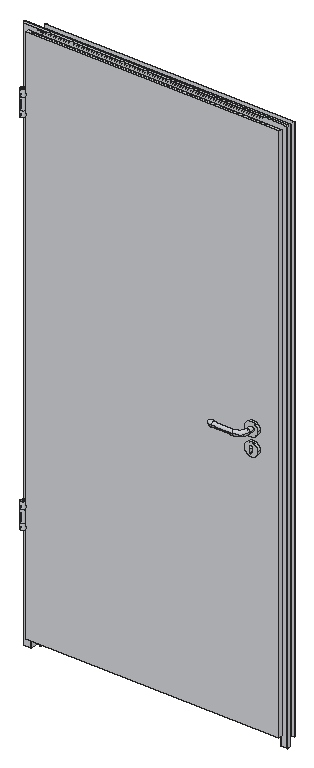
Revit family "BOS-Eckzarge-Eud-MW_Familie", category Türen, Revit 2017
Family settings
  Basisbauteil = Wand
  Immer vertikal = Ja
  Beim Laden mit Abzugskörper schneiden = Nein
  Gemeinsam genutzt = Nein
  Raumberechnungspunkt = Ja
Parameters (values of type "Eud")
  Öffnungswinkel [instance] = if(Öffnungswinkel   Aperture < Öffnungswinkel min., Öffnungswinkel min., if(Öffnungswinkel   Aperture > Öffnungswinkel max., Öffnungswinkel max., Öffnungswinkel   Aperture)) * if(DIN links   DIN Left, 1, -1)  # 0.00°
  Öffnungswinkel min. = 0.00°  # constant formula
  Öffnungswinkel max. = 180.00°  # constant formula
  Öffnungswinkel   Aperture [instance] = 0.00°
  Wandstärke min. [instance] = 130 mm  # constant formula
  Wandstärke [instance] = if(Wandstärke   Wall Thickness < Wandstärke min., Wandstärke min., Wandstärke   Wall Thickness)  # 200 mm
  Türblattaufschlag = 13 mm  # constant formula
  Türblattabstand links-rechts = 3.5 mm  # constant formula
  Spiegel vorne min. = 30 mm  # constant formula
  Spiegel vorne max. = 80 mm  # constant formula
  Sickentiefe = 10 mm  # constant formula
  RNH Rohbau_Nennmaß_Höhe   Nominal Wall Opening Height Measurement [instance] = FMH Falzmaß Höhe + Einfügepunkt  # 2130 mm
  RNB Rohbau_Nennmaß_Breite   Nominal Wall Opening Width Measurement [instance] = FMB Falzmaß Breite + (2 * Einfügepunkt)  # 1010 mm
  Putzwinkel min. = 10 mm  # constant formula
  Putzwinkel max. = 28 mm  # constant formula
  Leibungstiefe min. = 40 mm  # constant formula
  Leibungstiefe max. = 40 mm  # constant formula
  Leibungstiefe   Soffit Depth [instance] = 40 mm  # constant formula
  Leibungstiefe [instance] = if(Leibungstiefe   Soffit Depth < Leibungstiefe min., Leibungstiefe min., if(Leibungstiefe   Soffit Depth > Leibungstiefe max., Leibungstiefe max., Leibungstiefe   Soffit Depth))  # 40 mm
  GT min. [instance] = Falztiefe gesamt + Leibungstiefe  # 68.5 mm
  Drehpunktreferenz horizontal = 500 mm  # constant formula
  Türblattversatz vertikal = if(Gefälzt, -3.5 mm, 15.5 mm)  # -3.5 mm
  Türblattversatz  horizontal = if(Gefälzt, 11.5 mm, 6 mm)  # 11.5 mm
  Türblattabstand 3 = 4.5 mm  # constant formula
  Türblattabstand 2 = 4.5 mm  # constant formula
  Türblattabstand 1 = if(Gefälzt, 1.5 mm, -2 mm)  # 1.5 mm
  Wandstärke   Wall Thickness [instance] = 200 mm
  Stumpf = or(Esd, EsFd)  # no
  VX Bänder [instance] = 1 < 2  # yes
  Putzwinkel vorne   Backbend Front [instance] = 10 mm  # constant formula
  Putzwinkel hinten   Backbend Back [instance] = 17 mm  # constant formula
  LDH Lichte Durchgangs Höhe   Clearance Height [instance] = FMH Falzmaß Höhe - Falzaufschlag gesamt  # 2093 mm
  LDB Lichte Durchgangs Breite   Clearance Width [instance] = FMB Falzmaß Breite - (2 * Falzaufschlag gesamt)  # 936 mm
  Gefälzt = or(Eud, EuFd)  # yes
  URL = "www.BestOfSteel.de/stahlzargen/zargen-fuer-drehfluegeltueren/eckzargen/"
  Türblattstärke 3 = if(Doppelfalz, Falztiefe 2, 0 mm)  # 0 mm
  Türblattstärke 2 = Türblattstärke - Türblattstärke 1 - Türblattstärke 3  # 25.5 mm
  Türblattstärke 1 = if(Gefälzt, 14.5 mm, 0 mm)  # 14.5 mm
  Türblattstärke = if(Einfachfalz, 40 mm, 65 mm)  # 40 mm
  Typenbild = <Keine Auswahl>
  Spiegel vorne   Architrave Front [instance] = 30 mm
  Spiegel vorne [instance] = if(Spiegel vorne   Architrave Front < Spiegel vorne min., Spiegel vorne min., if(Spiegel vorne   Architrave Front > Spiegel vorne max., Spiegel vorne max., Spiegel vorne   Architrave Front))  # 30 mm
  Rough Height = 0 mm  # constant formula
  Rough Width = 0 mm  # constant formula
  Rechtliche Hinweise [instance] = "www.BestOfSteel.de/tools-downloads/bim-building-information-modeling/"
  Putzwinkel vorne [instance] = if(Putzwinkel vorne   Backbend Front < Putzwinkel min., Putzwinkel min., if(Putzwinkel vorne   Backbend Front > Putzwinkel max., Putzwinkel max., Putzwinkel vorne   Backbend Front))  # 10 mm
  Putzwinkel hinten [instance] = if(Putzwinkel hinten   Backbend Back < Putzwinkel min., Putzwinkel min., if(Putzwinkel hinten   Backbend Back > Putzwinkel max., Putzwinkel max., Putzwinkel hinten   Backbend Back))  # 17 mm
  Information in English = no
  GT max. [instance] = Falztiefe gesamt + Leibungstiefe  # 68.5 mm
  GT Gesamttiefe [instance] = if(GT Gesamttiefe_Zarge   Total Profile Depth < GT min., GT min., if(GT Gesamttiefe_Zarge   Total Profile Depth > GT max., GT max., GT Gesamttiefe_Zarge   Total Profile Depth))  # 68.5 mm
  Funktion = Innen
  Falztiefe gesamt = if(Einfachfalz, Falztiefe, Falztiefe + Falztiefe 2)  # 28.5 mm
  Falztiefe 2 = 25 mm  # constant formula
  Falztiefe = Türblattstärke 2 - Türblattabstand 1 + Türblattabstand 2  # 28.5 mm
  Falzaufschlag gesamt = if(Einfachfalz, Falzaufschlag, 2 * Falzaufschlag)  # 15 mm
  FMH min. = 1608 mm  # constant formula
  FMH max. = 2858 mm  # constant formula
  FMH Falzmaß_Höhe   Rebate Height Measurement [instance] = 2108 mm
  FMH Falzmaß Höhe [instance] = if(FMH Falzmaß_Höhe   Rebate Height Measurement < FMH min., FMH min., if(FMH Falzmaß_Höhe   Rebate Height Measurement > FMH max., FMH max., FMH Falzmaß_Höhe   Rebate Height Measurement))  # 2108 mm
  FMB min. = 591 mm  # constant formula
  FMB max. = 1342 mm  # constant formula
  FMB Falzmaß_Breite   Rebate Width Measurement [instance] = 966 mm
  FMB Falzmaß Breite [instance] = if(FMB Falzmaß_Breite   Rebate Width Measurement < FMB min., FMB min., if(FMB Falzmaß_Breite   Rebate Width Measurement > FMB max., FMB max., FMB Falzmaß_Breite   Rebate Width Measurement))  # 966 mm
  Drückerhöhe [instance] = if(Drückerhöhe   Handle Height < 850 mm, 850 mm, if(Drückerhöhe   Handle Height > 1050 mm, 1050 mm, Drückerhöhe   Handle Height))  # 1050 mm
  Drehpunkt Warnung sichtbar = yes
  Drehpunkt Warnung [instance] = and(Drehpunkt Warnung sichtbar, not(Öffnungswinkel = 0.00°))  # no
  Doppelfalz = or(EuFd, EsFd)  # no
  Einfachfalz = or(Eud, Esd)  # yes
  Dichtungsversatz vertikal 2 [instance] = Falztiefe + Sickentiefe - Putzwinkel vorne + Falztiefe 2  # 53.5 mm
  Dichtungsversatz vertikal 1 [instance] = Falztiefe + Sickentiefe - Putzwinkel vorne  # 28.5 mm
  Dichtungsversatz horizontal 2 [instance] = Falzaufschlag  # 15 mm
  Dichtungsversatz horizontal 1 [instance] = 0 mm  # constant formula
  Dichtung 2 = Doppelfalz  # no
  Dichtung 1 = or(Einfachfalz, Doppelfalz)  # yes
  Drehpunktposition vertikal [instance] = (Wandstärke   Wall Thickness / 2) + Putzwinkel vorne + [Drehpunktabstand (SP) vertikal]  # 122.5 mm
  Drehpunktposition horizontal [instance] = Drehpunktreferenz horizontal + Einfügepunkt + if(DIN links   DIN Left, FMB Falzmaß Breite + [Drehpunktabstand (FM) horizontal], -[Drehpunktabstand (FM) horizontal])  # 1509 mm
  Drehpunktabstand (FM) horizontal = if(Gefälzt, 21 mm, 2.5 mm)  # 21 mm
  Drehpunktabstand (SP) vertikal = if(Gefälzt, 12.5 mm, 13.5 mm)  # 12.5 mm
  Bänder - Auswahl [instance] = if(Gefälzt, "3D Bänder gefälzt, Bandaufnahmen BVX11000", "3D Bänder stumpf, Bandaufnahmen BVX11000")  # "3D Bänder gefälzt, Bandaufnahmen BVX11000"
  Blechstärke = 1.5 mm  # constant formula
  BE max. = 100 mm  # constant formula
  BE Bodeneinstand [instance] = if(BE Bodeneinstand   Foundation Bedding < 0 mm, 0 mm, if(BE Bodeneinstand   Foundation Bedding > BE max., BE max., BE Bodeneinstand   Foundation Bedding))  # 30 mm
  Nivellierankerabstand vorne = Türblattstärke 1 + Türblattstärke 2 - 40 mm  # 0 mm
  EsFd = no
  EuFd = no
  Modell = "Eud"
  Material - Zarge = none
  Material - Türblatt = none
  Material - Drückergarnitur = none
  Material - Dichtung = none
  Material - Bänder = none
  Material = "grundiert, feuerverzinktes Feinblech nach DIN EN 10143"
  Height [instance] = RNH Rohbau_Nennmaß_Höhe   Nominal Wall Opening Height Measurement  # 2130 mm
  Hersteller = "BOS GmbH Best Of Steel, Lütkenfelde 4, D-48282 Emsdetten"
  GT Gesamttiefe_Zarge   Total Profile Depth [instance] = Falztiefe gesamt + Leibungstiefe  # 68.5 mm
  MW Fehler [instance] = Wandstärke   Wall Thickness < Wandstärke min.  # no
  Einfügepunkt = 22 mm  # constant formula
  Drückerhöhe   Handle Height [instance] = 1050 mm
  Drückergarnitur [instance] = 1 < 2  # yes
  Dicke = 0 mm  # constant formula
  DIN rechts   DIN Right [instance] = not(DIN links   DIN Left)  # no
  DIN links oder rechts [instance] = if(DIN links   DIN Left, "DIN links", "DIN rechts")  # "DIN links"
  DIN links   DIN Left [instance] = yes
  Eud = yes
  Esd = no
  Width = 0 mm  # constant formula
  Beschreibung = "Eckzarge für Mauerwerk, gefälzt"
  Bauelement = "BOS Stahlzarge"
  BOS-Architekten-Beratung = "Tel.: +49 (0) 2572 203-203; E-Mail: architekten@BestOfSteel.de"
  BE Bodeneinstand   Foundation Bedding [instance] = 30 mm
  BBL1 Bandbezugslinie   Hinge Position 1 = 241 mm  # constant formula
  BA Bandabstand   Distance Between Hinges [instance] = if(FMH Falzmaß Höhe < 1546 mm, 935 mm, if(FMH Falzmaß Höhe < 1671 mm, 1060 mm, if(FMH Falzmaß Höhe < 1796 mm, 1185 mm, if(FMH Falzmaß Höhe < 1921 mm, 1310 mm, if(FMH Falzmaß Höhe < 2171 mm, 1435 mm, if(FMH Falzmaß Höhe < 2296 mm, 1685 mm, if(FMH Falzmaß Höhe < 2421 mm, 1810 mm, if(FMH Falzmaß Höhe < 2546 mm, 1935 mm, if(FMH Falzmaß Höhe < 2671 mm, 2060 mm, if(FMH Falzmaß Höhe < 2796 mm, 2185 mm, 2310 mm))))))))))  # 1435 mm
  Falzaufschlag = 15 mm  # constant formula
  Technische Infos rund um die Stahlzarge = "www.BestOfSteel.de/tools-downloads/technische-infos-rund-um-die-stahlzarge/"
  Info-Texte sichtbar = yes
Reference planes
  plane 1 "Wand": y = 0
  plane 2 "Mitte (Links/rechts)": x = 125
  plane 3 "Hinten": y = 100
  plane 4 "Vorne": y = -100
  plane 5 "RNB links": x = -380
  plane 6 "RNB rechts": x = 630
  plane 7 "RRH oben": z = 2130
  plane 8 "BBL1": z = 1867
  plane 9 "Drückerhöhe": z = 1050
  plane 10 "BBL2": z = 432
  plane 11 "BE": z = -30
  plane 12 "FMH oben": z = 2108
  plane 13 "BE max.": z = -100
  plane 14 "FMB links": x = -358
  plane 15 "FMB rechts": x = 608
  plane 16 "Drehpunkt vertikal": y = -122.5
  plane 17 "Drehpunkt horizontal": x = -379
  plane 18 "Drehpunktreferenz horizontal": x = 1130
Forms (mm)
  Sweep 1, solid, material <- "Material - Zarge", visible <- "Einfachfalz", detail levels medium+fine
    path origin (0, -100, 0) x (-1, 0, 0) y (0, 0, 1)
      loop
        line (380, -30) -> (380, 2130) -> (-630, 2130) -> (-630, -30)
    profile "BOS-Eud-Esd_Profil : BOS-Eud-Esd_Profil" origin (-380, -100, 1050) x (1, 0, 0) y (0, 1, 0)
      loop
        arc (37, 56) -> (36.268, 57.768) -> (34.5, 58.5) r 2.5
        line (34.5, 58.5) -> (20, 58.5) -> (20, 57) -> (34.5, 57)
        arc (34.5, 57) -> (35.207, 56.707) -> (35.5, 56) r 1
        line (35.5, 56) -> (35.5, 21.25)
        arc (35.5, 21.25) -> (34.135, 20.005) -> (33.021, 21.479) r 1.25
        line (33.021, 21.479) -> (33.949, 26.449)
        arc (33.949, 26.449) -> (33.308, 28.917) -> (31, 30) r 3
        line (31, 30) -> (23, 30)
        arc (23, 30) -> (21.232, 29.268) -> (20.5, 27.5) r 2.5
        line (20.5, 27.5) -> (20.5, -7.5)
        arc (20.5, -7.5) -> (20.207, -8.207) -> (19.5, -8.5) r 1
        line (19.5, -8.5) -> (-5.5, -8.5)
        arc (-5.5, -8.5) -> (-6.207, -8.207) -> (-6.5, -7.5) r 1
        line (-6.5, -7.5) -> (-6.5, 0) -> (-8, 0) -> (-8, -7.5)
        arc (-8, -7.5) -> (-7.268, -9.268) -> (-5.5, -10) r 2.5
        line (-5.5, -10) -> (19.5, -10)
        arc (19.5, -10) -> (21.268, -9.268) -> (22, -7.5) r 2.5
        line (22, -7.5) -> (22, 27.5)
        arc (22, 27.5) -> (22.293, 28.207) -> (23, 28.5) r 1
        line (23, 28.5) -> (31, 28.5)
        arc (31, 28.5) -> (32.154, 27.958) -> (32.475, 26.725) r 1.5
        line (32.475, 26.725) -> (31.547, 21.755)
        arc (31.547, 21.755) -> (33.996, 18.512) -> (37, 21.25) r 2.75
        line (37, 21.25) -> (37, 56)
  Sweep 2, solid, material <- "Material - Dichtung", visible <- "Dichtung 1", detail levels medium+fine
    path origin (0, -100, 0) x (-1, 0, 0) y (0, 0, 1)
      loop
        line (358, 0) -> (358, 2108) -> (-608, 2108) -> (-608, 0)
    profile "BOS-Dichtung_Profil : BOS-Dichtung_Profil" origin (-358, -100, 1054) x (1, 0, 0) y (0, 1, 0)
      loop
        arc (2.601, 27.263) -> (2.248, 27.116) -> (2.102, 26.763) r 0.5
        line (2.102, 26.763) -> (2.102, 22.634)
        arc (2.102, 22.634) -> (2.243, 22.254) -> (2.599, 22.057) r 0.584
        line (2.599, 22.057) -> (7.702, 21.28)
        arc (7.702, 21.28) -> (8.08, 21.392) -> (8.234, 21.754) r 0.462
        line (8.234, 21.754) -> (8.069, 25.992)
        arc (8.069, 25.992) -> (7.918, 26.403) -> (7.556, 26.65) r 0.716
        arc (7.556, 26.65) -> (5.104, 27.16) -> (2.601, 27.263) r 15.257
      loop
        arc (2.671, 20.957) -> (2.274, 20.838) -> (2.102, 20.46) r 0.501
        line (2.102, 20.46) -> (2.102, 17.565)
        arc (2.102, 17.565) -> (2.227, 17.151) -> (2.561, 16.874) r 0.75
        line (2.561, 16.874) -> (9.159, 15)
        arc (9.159, 15) -> (9.738, 14.926) -> (10.314, 15.026) r 1.962
        arc (10.314, 15.026) -> (11.596, 15.754) -> (12.503, 16.916) r 3.79
        arc (12.503, 16.916) -> (12.466, 17.289) -> (12.114, 17.416) r 0.351
        arc (12.114, 17.416) -> (9.731, 17.818) -> (8.301, 19.767) r 3.215
        arc (8.301, 19.767) -> (8.101, 20.097) -> (7.751, 20.259) r 0.66
        line (7.751, 20.259) -> (2.671, 20.957)
      loop
        arc (9.885, 26.692) -> (6.361, 28.049) -> (2.611, 28.5) r 15.273
        arc (2.611, 28.5) -> (1.229, 28.241) -> (0, 27.558) r 4.388
        arc (0, 27.558) -> (-0.126, 27.198) -> (0.203, 27.005) r 0.3
        line (0.203, 27.005) -> (1.052, 27.179) -> (1.052, 22.212) -> (0.253, 21.589)
        arc (0.253, 21.589) -> (0.158, 21.198) -> (0.517, 21.017) r 0.324
        arc (0.517, 21.017) -> (0.888, 20.925) -> (1.052, 20.58) r 0.446
        line (1.052, 20.58) -> (1.052, 17.338) -> (0.255, 16.575)
        arc (0.255, 16.575) -> (0.205, 16.209) -> (0.55, 16.077) r 0.297
        arc (0.55, 16.077) -> (1.217, 16.194) -> (1.892, 16.137) r 2.63
        line (1.892, 16.137) -> (9.198, 14.049)
        arc (9.198, 14.049) -> (9.621, 14.008) -> (10.045, 14.024) r 3.219
        arc (10.045, 14.024) -> (12.714, 15.531) -> (14.033, 18.298) r 5.088
        arc (14.033, 18.298) -> (13.874, 18.708) -> (13.442, 18.788) r 0.451
        line (13.442, 18.788) -> (12.151, 18.352)
        arc (12.151, 18.352) -> (10.406, 18.72) -> (9.336, 20.147) r 2.533
        line (9.336, 20.147) -> (9.088, 25.569)
        arc (9.088, 25.569) -> (9.253, 25.964) -> (9.663, 26.087) r 0.501
        arc (9.663, 26.087) -> (10.021, 26.299) -> (9.885, 26.692) r 0.329
  Sweep 3, solid, material <- "Material - Zarge", visible <- "Doppelfalz", detail levels medium+fine
    path origin (0, -100, 0) x (-1, 0, 0) y (0, 0, 1)
      loop
        line (380, -30) -> (380, 2130) -> (-630, 2130) -> (-630, -30)
    profile "BOS-EuFd-EsFd_Profil : BOS-EuFd-EsFd_Profil" origin (-380, -100, 1050) x (1, 0, 0) y (0, 1, 0)
      loop
        arc (19.5, -10) -> (21.268, -9.268) -> (22, -7.5) r 2.5
        line (22, -7.5) -> (22, 27.5)
        arc (22, 27.5) -> (22.293, 28.207) -> (23, 28.5) r 1
        line (23, 28.5) -> (31, 28.5)
        arc (31, 28.5) -> (32.154, 27.958) -> (32.475, 26.725) r 1.5
        line (32.475, 26.725) -> (31.547, 21.755)
        arc (31.547, 21.755) -> (33.996, 18.512) -> (37, 21.25) r 2.75
        line (37, 21.25) -> (37, 52.5)
        arc (37, 52.5) -> (37.293, 53.207) -> (38, 53.5) r 1
        line (38, 53.5) -> (46, 53.5)
        arc (46, 53.5) -> (47.154, 52.958) -> (47.475, 51.725) r 1.5
        line (47.475, 51.725) -> (46.547, 46.755)
        arc (46.547, 46.755) -> (48.996, 43.512) -> (52, 46.25) r 2.75
        line (52, 46.25) -> (52, 81)
        arc (52, 81) -> (51.268, 82.768) -> (49.5, 83.5) r 2.5
        line (49.5, 83.5) -> (35, 83.5) -> (35, 82) -> (49.5, 82)
        arc (49.5, 82) -> (50.207, 81.707) -> (50.5, 81) r 1
        line (50.5, 81) -> (50.5, 46.25)
        arc (50.5, 46.25) -> (49.135, 45.005) -> (48.021, 46.479) r 1.25
        line (48.021, 46.479) -> (48.949, 51.449)
        arc (48.949, 51.449) -> (48.308, 53.917) -> (46, 55) r 3
        line (46, 55) -> (38, 55)
        arc (38, 55) -> (36.232, 54.268) -> (35.5, 52.5) r 2.5
        line (35.5, 52.5) -> (35.5, 21.25)
        arc (35.5, 21.25) -> (34.135, 20.005) -> (33.021, 21.479) r 1.25
        line (33.021, 21.479) -> (33.949, 26.449)
        arc (33.949, 26.449) -> (33.308, 28.917) -> (31, 30) r 3
        line (31, 30) -> (23, 30)
        arc (23, 30) -> (21.232, 29.268) -> (20.5, 27.5) r 2.5
        line (20.5, 27.5) -> (20.5, -7.5)
        arc (20.5, -7.5) -> (20.207, -8.207) -> (19.5, -8.5) r 1
        line (19.5, -8.5) -> (-5.5, -8.5)
        arc (-5.5, -8.5) -> (-6.207, -8.207) -> (-6.5, -7.5) r 1
        line (-6.5, -7.5) -> (-6.5, 0) -> (-8, 0) -> (-8, -7.5)
        arc (-8, -7.5) -> (-7.268, -9.268) -> (-5.5, -10) r 2.5
        line (-5.5, -10) -> (19.5, -10)
  Sweep 4, solid, material <- "Material - Dichtung", visible <- "Dichtung 2", detail levels medium+fine
    path origin (0, -100, 0) x (-1, 0, 0) y (0, 0, 1)
      loop
        line (358, 0) -> (358, 2108) -> (-608, 2108) -> (-608, 0)
    profile "BOS-Dichtung_Profil : BOS-Dichtung_Profil" origin (-358, -100, 1054) x (1, 0, 0) y (0, 1, 0)
      loop
        arc (17.601, 52.263) -> (17.248, 52.116) -> (17.102, 51.763) r 0.5
        line (17.102, 51.763) -> (17.102, 47.634)
        arc (17.102, 47.634) -> (17.243, 47.254) -> (17.599, 47.057) r 0.584
        line (17.599, 47.057) -> (22.702, 46.28)
        arc (22.702, 46.28) -> (23.08, 46.392) -> (23.234, 46.754) r 0.462
        line (23.234, 46.754) -> (23.069, 50.992)
        arc (23.069, 50.992) -> (22.918, 51.403) -> (22.556, 51.65) r 0.716
        arc (22.556, 51.65) -> (20.104, 52.16) -> (17.601, 52.263) r 15.257
      loop
        arc (17.671, 45.957) -> (17.274, 45.838) -> (17.102, 45.46) r 0.501
        line (17.102, 45.46) -> (17.102, 42.565)
        arc (17.102, 42.565) -> (17.227, 42.151) -> (17.561, 41.874) r 0.75
        line (17.561, 41.874) -> (24.159, 40)
        arc (24.159, 40) -> (24.738, 39.926) -> (25.314, 40.026) r 1.962
        arc (25.314, 40.026) -> (26.596, 40.754) -> (27.503, 41.916) r 3.79
        arc (27.503, 41.916) -> (27.466, 42.289) -> (27.114, 42.416) r 0.351
        arc (27.114, 42.416) -> (24.731, 42.818) -> (23.301, 44.767) r 3.215
        arc (23.301, 44.767) -> (23.101, 45.097) -> (22.751, 45.259) r 0.66
        line (22.751, 45.259) -> (17.671, 45.957)
      loop
        arc (24.885, 51.692) -> (21.361, 53.049) -> (17.611, 53.5) r 15.273
        arc (17.611, 53.5) -> (16.229, 53.241) -> (15, 52.558) r 4.388
        arc (15, 52.558) -> (14.874, 52.198) -> (15.203, 52.005) r 0.3
        line (15.203, 52.005) -> (16.052, 52.179) -> (16.052, 47.212) -> (15.253, 46.589)
        arc (15.253, 46.589) -> (15.158, 46.198) -> (15.517, 46.017) r 0.324
        arc (15.517, 46.017) -> (15.888, 45.925) -> (16.052, 45.58) r 0.446
        line (16.052, 45.58) -> (16.052, 42.338) -> (15.255, 41.575)
        arc (15.255, 41.575) -> (15.205, 41.209) -> (15.55, 41.077) r 0.297
        arc (15.55, 41.077) -> (16.217, 41.194) -> (16.892, 41.137) r 2.63
        line (16.892, 41.137) -> (24.198, 39.049)
        arc (24.198, 39.049) -> (24.621, 39.008) -> (25.045, 39.024) r 3.219
        arc (25.045, 39.024) -> (27.714, 40.531) -> (29.033, 43.298) r 5.088
        arc (29.033, 43.298) -> (28.874, 43.708) -> (28.442, 43.788) r 0.451
        line (28.442, 43.788) -> (27.151, 43.352)
        arc (27.151, 43.352) -> (25.406, 43.72) -> (24.336, 45.147) r 2.533
        line (24.336, 45.147) -> (24.088, 50.569)
        arc (24.088, 50.569) -> (24.253, 50.964) -> (24.663, 51.087) r 0.501
        arc (24.663, 51.087) -> (25.021, 51.299) -> (24.885, 51.692) r 0.329
  Sweep 5, void
    path origin (0, -100, 0) x (-1, 0, 0) y (0, 0, 1)
      loop
        line (380, 0) -> (380, 2130) -> (-125, 2130)
    profile "BOS-AK-Eckzarge-Einfachfalz_Profil : BOS-AK-Eckzarge-Einfachfalz_Profil" origin (-380, -100, 1065) x (1, 0, 0) y (0, 1, 0)
      loop
        line (-23.016, -20) -> (505, -20) -> (505, 200) -> (20, 200) -> (20, 57) -> (34.5, 57)
        arc (34.5, 57) -> (35.207, 56.707) -> (35.5, 56) r 1
        line (35.5, 56) -> (35.5, 30) -> (23, 30)
        arc (23, 30) -> (21.232, 29.268) -> (20.5, 27.5) r 2.5
        line (20.5, 27.5) -> (20.5, -17.5)
        arc (20.5, -17.5) -> (20.207, -18.207) -> (19.5, -18.5) r 1
        line (19.5, -18.5) -> (-3, -18.5)
        arc (-3, -18.5) -> (-5.475, -17.475) -> (-6.5, -15) r 3.5
        line (-6.5, -15) -> (-6.5, -11)
        arc (-6.5, -11) -> (-7.232, -9.232) -> (-9, -8.5) r 2.5
        line (-9, -8.5) -> (-19.557, -8.5)
        arc (-19.557, -8.5) -> (-21.23, -9.142) -> (-22.043, -10.739) r 2.5
        line (-22.043, -10.739) -> (-23.016, -20)
  Sweep 6, void
    path origin (0, -100, 0) x (-1, 0, 0) y (0, 0, 1)
      loop
        line (380, 0) -> (380, 2130) -> (-125, 2130)
    profile "BOS-AK-Eckzarge-Doppelfalz_Profil : BOS-AK-Eckzarge-Doppelfalz_Profil" origin (-380, -100, 1065) x (1, 0, 0) y (0, 1, 0)
      loop
        line (64.984, -20) -> (505, -20) -> (505, 200) -> (123, 200) -> (123, 82) -> (137.5, 82)
        arc (137.5, 82) -> (138.207, 81.707) -> (138.5, 81) r 1
        line (138.5, 81) -> (138.5, 55) -> (126, 55)
        arc (126, 55) -> (124.232, 54.268) -> (123.5, 52.5) r 2.5
        line (123.5, 52.5) -> (123.5, 30) -> (111, 30)
        arc (111, 30) -> (109.232, 29.268) -> (108.5, 27.5) r 2.5
        line (108.5, 27.5) -> (108.5, -17.5)
        arc (108.5, -17.5) -> (108.207, -18.207) -> (107.5, -18.5) r 1
        line (107.5, -18.5) -> (85, -18.5)
        arc (85, -18.5) -> (82.525, -17.475) -> (81.5, -15) r 3.5
        line (81.5, -15) -> (81.5, -11)
        arc (81.5, -11) -> (80.768, -9.232) -> (79, -8.5) r 2.5
        line (79, -8.5) -> (68.443, -8.5)
        arc (68.443, -8.5) -> (66.77, -9.142) -> (65.957, -10.739) r 2.5
        line (65.957, -10.739) -> (64.984, -20)
  Sweep 7, void
    path origin (0, -100, 0) x (-1, 0, 0) y (0, 0, 1)
      loop
        line (-630, 0) -> (-630, 2130) -> (-125, 2130)
    profile "BOS-AK-Eckzarge-Einfachfalz_Profil : BOS-AK-Eckzarge-Einfachfalz_Profil" origin (630, -100, 1065) x (1, 0, 0) y (0, 1, 0)
      loop
        line (23.016, -20) -> (22.043, -10.739)
        arc (22.043, -10.739) -> (21.23, -9.142) -> (19.557, -8.5) r 2.5
        line (19.557, -8.5) -> (9, -8.5)
        arc (9, -8.5) -> (7.232, -9.232) -> (6.5, -11) r 2.5
        line (6.5, -11) -> (6.5, -15)
        arc (6.5, -15) -> (5.475, -17.475) -> (3, -18.5) r 3.5
        line (3, -18.5) -> (-19.5, -18.5)
        arc (-19.5, -18.5) -> (-20.207, -18.207) -> (-20.5, -17.5) r 1
        line (-20.5, -17.5) -> (-20.5, 27.5)
        arc (-20.5, 27.5) -> (-21.232, 29.268) -> (-23, 30) r 2.5
        line (-23, 30) -> (-35.5, 30) -> (-35.5, 56)
        arc (-35.5, 56) -> (-35.207, 56.707) -> (-34.5, 57) r 1
        line (-34.5, 57) -> (-20, 57) -> (-20, 200) -> (-505, 200) -> (-505, -20) -> (23.016, -20)
  Sweep 8, void
    path origin (0, -100, 0) x (-1, 0, 0) y (0, 0, 1)
      loop
        line (-630, 0) -> (-630, 2130) -> (-125, 2130)
    profile "BOS-AK-Eckzarge-Doppelfalz_Profil : BOS-AK-Eckzarge-Doppelfalz_Profil" origin (630, -100, 1065) x (1, 0, 0) y (0, 1, 0)
      loop
        line (-64.984, -20) -> (-65.957, -10.739)
        arc (-65.957, -10.739) -> (-66.77, -9.142) -> (-68.443, -8.5) r 2.5
        line (-68.443, -8.5) -> (-79, -8.5)
        arc (-79, -8.5) -> (-80.768, -9.232) -> (-81.5, -11) r 2.5
        line (-81.5, -11) -> (-81.5, -15)
        arc (-81.5, -15) -> (-82.525, -17.475) -> (-85, -18.5) r 3.5
        line (-85, -18.5) -> (-107.5, -18.5)
        arc (-107.5, -18.5) -> (-108.207, -18.207) -> (-108.5, -17.5) r 1
        line (-108.5, -17.5) -> (-108.5, 27.5)
        arc (-108.5, 27.5) -> (-109.232, 29.268) -> (-111, 30) r 2.5
        line (-111, 30) -> (-123.5, 30) -> (-123.5, 52.5)
        arc (-123.5, 52.5) -> (-124.232, 54.268) -> (-126, 55) r 2.5
        line (-126, 55) -> (-138.5, 55) -> (-138.5, 81)
        arc (-138.5, 81) -> (-138.207, 81.707) -> (-137.5, 82) r 1
        line (-137.5, 82) -> (-123, 82) -> (-123, 200) -> (-505, 200) -> (-505, -20) -> (-64.984, -20)
Lines and regions (mm)
  reference lines
    curve 1: line (65, 650, 0) -> (185, 650, 0)
    curve 2: line (-379, -122.5, 0) -> (321, -122.5, 0)
    curve 3: line (65, -350, 0) -> (185, -350, 0)
    curve 4: line (65, -650, 0) -> (185, -650, 0)
  symbolic lines, style "DoorsHiddenLines", visible <- "DIN links   DIN Left", detail levels coarse
    curve 5: arc (630, -100, 0) -> (334.178, -814.178, 0) -> (-380, -1110, 0) r 1010
  symbolic lines, style "Doors", visible <- "DIN links   DIN Left", detail levels coarse
    curve 6: line (-380, -100, 0) -> (-380, -1110, 0)
  symbolic lines, style "DoorsHiddenLines", visible <- "DIN rechts   DIN Right", detail levels coarse
    curve 7: arc (-380, -100, 0) -> (-84.178, -814.178, 0) -> (630, -1110, 0) r 1010
  symbolic lines, style "Doors", visible <- "DIN rechts   DIN Right", detail levels coarse
    curve 8: line (630, -100, 0) -> (630, -1110, 0)
Text (mm)
  text "Außen     " at (-1696.17, 830.944, 0), in view "Ref.-Ebene"
  text "Außen" at (0, 1409.804, 2854.306), in view "Links"
  text "Placement side" at (0, 499.811, 2980.732), in view "Rechts"
Dimensions and locks
  locked: plane 3 "Hinten" to host wall
  locked: host wall to plane 4 "Vorne" at 0
  equal spacing: plane 5 "RNB links", plane 2 "Mitte (Links/rechts)", plane 6 "RNB rechts"
  "RNB Rohbau_Nennmaß_Breite   Nominal Wall Opening Width Measurement": plane 5 "RNB links" to plane 6 "RNB rechts"
  "Drückerhöhe": level to plane 9 "Drückerhöhe"
  "BE Bodeneinstand": plane 11 "BE" to level
  "Wandstärke   Wall Thickness": host wall to host wall
  "BBL1 Bandbezugslinie   Hinge Position 1": plane 12 "FMH oben" to plane 8 "BBL1"
  "BA Bandabstand   Distance Between Hinges": plane 8 "BBL1" to plane 10 "BBL2"
  "FMH Falzmaß Höhe": plane 12 "FMH oben" to level
  "RNH Rohbau_Nennmaß_Höhe   Nominal Wall Opening Height Measurement": plane 7 "RRH oben" to level
  curve 4 to curve 3 to plane 4 "Vorne" to plane 3 "Hinten" to curve 1 = 300 mm, 250 mm, 200 mm, 550 mm
  "BE max.": level to plane 13 "BE max."
  equal spacing: plane 14 "FMB links", plane 2 "Mitte (Links/rechts)", plane 15 "FMB rechts"
  "FMB Falzmaß Breite": plane 14 "FMB links" to plane 15 "FMB rechts"
  "Drehpunktposition vertikal": host wall to plane 16 "Drehpunkt vertikal"
  "Drehpunktreferenz horizontal": plane 6 "RNB rechts" to plane 18 "Drehpunktreferenz horizontal"
  "Drehpunktposition horizontal": plane 17 "Drehpunkt horizontal" to plane 18 "Drehpunktreferenz horizontal"
  "Öffnungswinkel": angle curve 2 to plane 16 "Drehpunkt vertikal"
  aligned and locked: plane 1 "Wand" to host wall
  aligned and locked: plane 6 "RNB rechts" to nested 1
  aligned and locked: nested 1 to plane 4 "Vorne"
  aligned and locked: plane 9 "Drückerhöhe" to nested 1
  aligned and locked: Sweep 2 sketch curve to plane 14 "FMB links"
  aligned and locked: Sweep 2 sketch curve to plane 12 "FMH oben"
  aligned and locked: Sweep 2 sketch curve to plane 15 "FMB rechts"
  aligned and locked: Sweep 4 sketch curve to plane 15 "FMB rechts"
  aligned and locked: Sweep 4 sketch curve to plane 12 "FMH oben"
  aligned and locked: Sweep 4 sketch curve to plane 14 "FMB links"
  aligned and locked: plane 16 "Drehpunkt vertikal" to curve 2
  aligned and locked: plane 17 "Drehpunkt horizontal" to curve 2
  aligned and locked: curve 2 to nested 2
  aligned and locked: nested 4 to plane 10 "BBL2"
  aligned and locked: plane 8 "BBL1" to nested 3
  aligned and locked: plane 17 "Drehpunkt horizontal" to nested 3
  aligned and locked: plane 17 "Drehpunkt horizontal" to nested 4
  aligned and locked: plane 16 "Drehpunkt vertikal" to nested 3
  aligned and locked: plane 16 "Drehpunkt vertikal" to nested 4
  aligned and locked: curve 1 to nested 8
  aligned and locked: plane 2 "Mitte (Links/rechts)" to nested 8
  aligned and locked: plane 18 "Drehpunktreferenz horizontal" to nested 6
  aligned and locked: plane 1 "Wand" to nested 6
  aligned and locked: nested 7 to plane 2 "Mitte (Links/rechts)"
  aligned and locked: curve 3 to nested 5
  aligned and locked: nested 5 to plane 2 "Mitte (Links/rechts)"
  aligned and locked: nested 9 to Sweep 1
  aligned and locked: nested 9 to Sweep 3
  aligned and locked: nested 10 to Sweep 3  (x2)
  aligned and locked: plane 4 "Vorne" to nested 11
  aligned and locked: plane 5 "RNB links" to nested 11
  aligned and locked: plane 6 "RNB rechts" to nested 12
  aligned and locked: nested 12 to plane 4 "Vorne"
  aligned and locked: Sweep 5 sketch curve to plane 7 "RRH oben"
  aligned and locked: plane 2 "Mitte (Links/rechts)" to Sweep 5 sketch curve
  aligned and locked: plane 5 "RNB links" to Sweep 5 sketch curve
  aligned and locked: level to Sweep 5 sketch curve
  aligned and locked: Sweep 6 sketch curve to plane 7 "RRH oben"
  aligned and locked: plane 2 "Mitte (Links/rechts)" to Sweep 6 sketch curve
  aligned and locked: plane 5 "RNB links" to Sweep 6 sketch curve
  aligned and locked: level to Sweep 6 sketch curve
  aligned and locked: plane 7 "RRH oben" to Sweep 7 sketch curve
  aligned and locked: plane 2 "Mitte (Links/rechts)" to Sweep 7 sketch curve
  aligned and locked: plane 6 "RNB rechts" to Sweep 7 sketch curve
  aligned and locked: level to Sweep 7 sketch curve
  aligned and locked: plane 2 "Mitte (Links/rechts)" to Sweep 8 sketch curve
  aligned and locked: plane 7 "RRH oben" to Sweep 8 sketch curve
  aligned and locked: plane 6 "RNB rechts" to Sweep 8 sketch curve
  aligned and locked: level to Sweep 8 sketch curve
  aligned and locked: curve 4 to nested 7
Automatic sketch dimensions
  Sweep 1 sketch curve to plane 6 "RNB rechts" = 0 mm
  Sweep 1 sketch curve to plane 5 "RNB links" = 0 mm
  Sweep 1 sketch curve to plane 11 "BE" = 0 mm  (x2)
  Sweep 1 sketch curve to plane 7 "RRH oben" = 0 mm
  Sweep 2 sketch curve to level = 0 mm  (x2)
  Sweep 3 sketch curve to plane 6 "RNB rechts" = 0 mm
  Sweep 3 sketch curve to plane 5 "RNB links" = 0 mm
  Sweep 3 sketch curve to plane 11 "BE" = 0 mm  (x2)
  Sweep 3 sketch curve to plane 7 "RRH oben" = 0 mm
  Sweep 4 sketch curve to level = 0 mm  (x2)
  host wall to curve 7 = 0 mm
  curve 6 to plane 5 "RNB links" = 0 mm
  host wall to curve 8 = 0 mm
  host wall to curve 5 = 0 mm
  curve 5 to plane 6 "RNB rechts" = 0 mm
  host wall to curve 6 = 0 mm
  curve 7 to plane 5 "RNB links" = 0 mm
  curve 8 to plane 6 "RNB rechts" = 0 mm
  curve 4 to plane 2 "Mitte (Links/rechts)" = 60 mm
  curve 3 to plane 2 "Mitte (Links/rechts)" = 60 mm
  curve 1 to plane 2 "Mitte (Links/rechts)" = 60 mm
  plane 2 "Mitte (Links/rechts)" to curve 3 = 60 mm
  plane 2 "Mitte (Links/rechts)" to curve 4 = 60 mm
  plane 2 "Mitte (Links/rechts)" to curve 1 = 60 mm
Nested families
  nested 1: "BOS-BOS_Modell" at (630, -100, 1050), type "BOS-BOS_Modell", not visible
  nested 2: "BOS-Türblatt_Modell" at (125, -119, 0), type "BOS-Türblatt_Modell"
    with Glastürdrücker DIN rechts no, Glastürdrücker DIN links no, Drückergarnitur DIN rechts no, Drückergarnitur DIN links yes
  nested 3: "BOS-Band-VX_Modell" at (-379, -122.5, 1867), visible <- "VX Bänder", type "BOS-Band-VX_Modell", detail levels fine
  nested 4: "BOS-Band-VX_Modell" at (-379, -122.5, 432), visible <- "VX Bänder", type "BOS-Band-VX_Modell", detail levels fine
  nested 5: "BOS-Info-Texte_Beschriftung" at (125, -350.955, 0), visible <- "Drehpunkt Warnung", type "Drehpunkt Warnung"
  nested 6: "BOS-Info-Texte_Beschriftung" at (1130, -0.955, 0), visible <- "MW Fehler", type "Maulweite Fehlermeldung"
  nested 7: "BOS-Info-Texte_Beschriftung" at (125, -650.955, 0), visible <- "Info-Texte sichtbar", type "Rechtliche Hinweise"
  nested 8: "BOS-Info-Texte_Beschriftung" at (125, 649.045, 0), visible <- "Info-Texte sichtbar", type "Technische Hinweise"
  nested 9: "BOS-Logo_Modell" at (-351.5, -51.299, 0), visible <- "Einfachfalz", type "BOS-Logo_Modell", detail levels fine
    with Abstand horizontal 4 mm
  nested 10: "BOS-Logo_Modell" at (-336.5, -26.299, 0), visible <- "Doppelfalz", type "BOS-Logo_Modell", detail levels fine
    with Abstand horizontal 4 mm
  nested 11: "BOS-Eckzargen-Nagelanker_Detail" at (-359.5, -108.5, 0), type "BOS-Eckzargen-Nagelanker_Detail", detail levels fine
  nested 12: "BOS-Eckzargen-Nagelanker_Detail" at (609.5, -108.5, 0) x (-1, 0, 0) z (0, 0, 1), type "BOS-Eckzargen-Nagelanker_Detail", detail levels fine
Definition of nested family "BOS-Türblatt_Modell"
  Parameters (values of type "BOS-Türblatt_Modell")
    Default Elevation = 1219.2 mm
    URL = "www.BestOfSteel.de"
    Türblattversatz vertikal = -3.5 mm
    Türblattversatz horizontal = 11.5 mm
    Technische Infos rund um die Stahlzarge = "www.BestOfSteel.de/tools-downloads/technische-infos-rund-um-die-stahlzarge/"
    Türblattaufschlag = 13 mm
    Türblattstärke 3 = 0 mm
    Türblattstärke 2 = 25.5 mm
    Türblattstärke 1 = 14.5 mm
    Türblattstärke = 40 mm
    Türblattabstand oben = 4 mm
    Türblattabstand unten = 7 mm
    Türblattabstand links-rechts = 3.5 mm
    TAH3 Türblatt Außenmaß Höhe 3 = FMH Zargen Falzmaß Höhe - Falzaufschlag - Türblattabstand oben - Türblattabstand unten  # 2082 mm
    TAH2 Türblatt Außenmaß Höhe 2 = FMH Zargen Falzmaß Höhe - Türblattabstand oben - Türblattabstand unten  # 2097 mm
    TAH Türblatt Außenmaß Höhe = FMH Zargen Falzmaß Höhe + if(Gefälzt, Türblattaufschlag, 0 mm) - Türblattabstand oben - Türblattabstand unten  # 2110 mm
    Stumpf = no
    Rechtliche Hinweise = "www.BestOfSteel.de/tools-downloads/bim-building-information-modeling/"
    Material - Türblatt = none
    Material - Drückergarnitur = none
    Glastürtdrücker = no
    Glastürdrücker DIN rechts [instance] = and(Glastürtdrücker, DIN rechts)  # no
    Glastürdrücker DIN links [instance] = and(Glastürtdrücker, DIN links)  # no
    Gefälzt = yes
    FMH Zargen Falzmaß Höhe = 2108 mm
    FMB Zargen Falzmaß Breite = 966 mm
    Einfachfalz = yes
    Drückerhöhe = 1050 mm
    Drückergarnitur = yes
    Drückerabstand = 100 mm
    Drehpunktabstand vertikal = (2 * Türblattstärke) + Türblattversatz vertikal  # 76.5 mm
    Drehpunktabstand horizontal = (TAB Türblatt Außenmass Breite / 2) + if(DIN links, -Türblattversatz horizontal, TAB Türblatt Außenmass Breite + Türblattversatz horizontal)  # 481 mm
    Doppelfalz = no
    Drückergarnitur DIN rechts [instance] = and(Drückergarnitur, DIN rechts)  # no
    Drückergarnitur DIN links [instance] = and(Drückergarnitur, DIN links)  # yes
    DIN rechts = no
    DIN links = yes
    Description = "Holz- oder Glastürblatt, mit Drücker, gefälzt oder stumpf"
    Keynote = "BOS Türblatt"
    TAB3 Türblatt Außenmass Breite Türblatt 3 = FMB Zargen Falzmaß Breite - 2 * (Falzaufschlag + [Türblattabstand links-rechts])  # 929 mm
    TAB Türblatt Außenmass Breite = FMB Zargen Falzmaß Breite + 2 * (if(Gefälzt, Türblattaufschlag, 0 mm) - [Türblattabstand links-rechts])  # 985 mm
    TAB2 Türblatt Außenmass Breite Türblatt 2 = FMB Zargen Falzmaß Breite - 2 * ([Türblattabstand links-rechts])  # 959 mm
    Falzaufschlag = 15 mm
    BOS-Architekten-Beratung = "Tel.: +49 (0) 2572 203-203; E-Mail: architekten@BestOfSteel.de"
  Reference planes
    plane 1: y = -7
    plane 2: z = 0
    plane 3: x = 0
    plane 4: z = 7
    plane 5: z = 2117
    plane 6: x = -492.5
    plane 7: x = 492.5
    plane 8: x = -479.5
    plane 9: x = 479.5
    plane 10: x = 464.5
    plane 11: x = -464.5
    plane 12: y = 7.5
    plane 13: y = 33
    plane 14: y = 33
    plane 15: z = 2104
    plane 16: z = 2089
    plane 17: x = -392.5
    plane 18: x = 392.5
    plane 19: y = 73
    plane 20: z = 1050
    plane 21: x = -502.5
    plane 22: x = 502.5
    plane 23: z = 2127
    plane 24: x = -985
    plane 25: x = -504
    plane 26: y = -3.5
  Forms (mm)
    Extrusion 1, solid, material <- "Material - Türblatt", detail levels medium+fine
      sketch origin (0, 0, 0) x (1, 0, 0) y (0, 1, 0)
        loop
          line (-492.5, 33) -> (-492.5, -7) -> (492.5, -7) -> (492.5, 33) -> (-492.5, 33)
      from 7 to 2117
    Extrusion 2, void
      sketch origin (0, 0, 0) x (1, 0, 0) y (0, 1, 0)
        loop
          line (-502.5, 73) -> (-502.5, 7.5) -> (-479.5, 7.5) -> (-479.5, 33) -> (-464.5, 33) -> (-464.5, 73) -> (-502.5, 73)
        loop
          line (464.5, 73) -> (464.5, 33) -> (479.5, 33) -> (479.5, 7.5) -> (502.5, 7.5) -> (502.5, 73) -> (464.5, 73)
      from 7 to 2117
    Extrusion 3, void
      sketch origin (0, 0, 0) x (0, 1, 0) y (0, 0, 1)
        loop
          line (73, 2127) -> (7.5, 2127) -> (7.5, 2104) -> (33, 2104) -> (33, 2089) -> (73, 2089) -> (73, 2127)
      from -492.5 to 492.5
  Cuts and joins
    Extrusion 2, Extrusion 3 cuts Extrusion 1
  Dimensions and locks
    "Türblattabstand unten": plane 4 to plane 2
    equal spacing: plane 6, plane 3, plane 7
    "TAB Türblatt Außenmass Breite": plane 6 to plane 7
    equal spacing: plane 8, plane 3, plane 9
    "TAB2 Türblatt Außenmass Breite Türblatt 2": plane 8 to plane 9
    equal spacing: plane 11, plane 3, plane 10
    "TAB3 Türblatt Außenmass Breite Türblatt 3": plane 11 to plane 10
    "Türblattstärke 1": plane 1 to plane 12
    "Türblattstärke 2": plane 13 to plane 12
    "Türblattstärke 3": plane 14 to plane 13
    "TAH Türblatt Außenmaß Höhe": plane 5 to plane 4
    "TAH2 Türblatt Außenmaß Höhe 2": plane 15 to plane 4
    "TAH3 Türblatt Außenmaß Höhe 3": plane 16 to plane 4
    "Drückerabstand": plane 6 to plane 17
    "Drückerabstand": plane 18 to plane 7
    "Türblattstärke": plane 19 to plane 14
    "Drückerhöhe": plane 20 to plane 2
    plane 21 to plane 6 = 10 mm
    plane 7 to plane 22 = 10 mm
    plane 23 to plane 5 = 10 mm
    "Drehpunktabstand horizontal": plane 24 to plane 25
    "TAB Türblatt Außenmass Breite": plane 24 to plane 3
    "Drehpunktabstand vertikal": plane 19 to plane 26
    aligned and locked: level to plane 2
    aligned and locked: Extrusion 1 sketch curve to plane 1
    aligned and locked: Extrusion 1 sketch curve to plane 6
    aligned and locked: Extrusion 1 sketch curve to plane 14
    aligned and locked: Extrusion 1 sketch curve to plane 7
    aligned and locked: Extrusion 1 to plane 4
    aligned and locked: plane 5 to Extrusion 1
    aligned and locked: plane 19 to Extrusion 2 sketch curve
    aligned and locked: plane 11 to Extrusion 2 sketch curve
    aligned and locked: plane 13 to Extrusion 2 sketch curve  (x2)
    aligned and locked: plane 8 to Extrusion 2 sketch curve
    aligned and locked: Extrusion 2 sketch curve to plane 12
    aligned and locked: plane 10 to Extrusion 2 sketch curve
    aligned and locked: plane 9 to Extrusion 2 sketch curve
    aligned and locked: plane 12 to Extrusion 2 sketch curve
    aligned and locked: Extrusion 2 sketch curve to plane 19
    aligned and locked: Extrusion 2 to plane 4
    aligned and locked: plane 5 to Extrusion 2
    aligned and locked: Extrusion 3 sketch curve to plane 12
    aligned and locked: plane 19 to Extrusion 3 sketch curve
    aligned and locked: Extrusion 3 sketch curve to plane 16
    aligned and locked: Extrusion 3 sketch curve to plane 15
    aligned and locked: Extrusion 3 sketch curve to plane 13
    aligned and locked: plane 7 to Extrusion 3
    aligned and locked: Extrusion 3 to plane 6
    aligned and locked: plane 22 to Extrusion 2 sketch curve
    aligned and locked: Extrusion 2 sketch curve to plane 21
    aligned and locked: plane 23 to Extrusion 3 sketch curve
    aligned and locked: nested 1 to plane 20
    aligned and locked: plane 20 to nested 3
    aligned and locked: plane 20 to nested 2
    aligned and locked: nested 4 to plane 20
    aligned and locked: nested 1 to plane 17
    aligned and locked: nested 3 to plane 17
    aligned and locked: nested 2 to plane 18
    aligned and locked: nested 4 to plane 18
    aligned and locked: plane 1 to nested 1
    aligned and locked: nested 3 to plane 14
    aligned and locked: plane 14 to nested 4
    aligned and locked: nested 2 to plane 1
  Nested families
    nested 1: "BOS-Drückergarnitur_Modell" at (-392.5, -7, 1050), visible <- "Drückergarnitur DIN rechts", type "BOS-Drückergarnitur_Modell", detail levels fine
    nested 2: "BOS-Drückergarnitur_Modell" at (392.5, -7, 1050) x (-1, 0, 0) z (0, 0, 1), visible <- "Drückergarnitur DIN links", type "BOS-Drückergarnitur_Modell", detail levels fine
    nested 3: "BOS-Drückergarnitur_Modell" at (-392.5, 33, 1050), visible <- "Drückergarnitur DIN rechts", type "BOS-Drückergarnitur_Modell", detail levels fine
    nested 4: "BOS-Drückergarnitur_Modell" at (392.5, 33, 1050) x (-1, 0, 0) z (0, 0, 1), visible <- "Drückergarnitur DIN links", type "BOS-Drückergarnitur_Modell", detail levels fine
  Definition of nested family "BOS-Drückergarnitur_Modell"
    Parameters (values of type "BOS-Drückergarnitur_Modell")
      URL = "www.BestOfSteel.de"
      Rechtliche Hinweise = "www.BestOfSteel.de/tools-downloads/bim-building-information-modeling/"
      Material - Drückergarnitur = none
      Description = "Drücker und Rosette"
      Keynote = "BOS Drückergarnitur"
      BOS-Architekten-Beratung = "Tel.: +49 (0) 2572 203-203; E-Mail: architekten@BestOfSteel.de"
      Technische Infos rund um die Stahlzarge = "www.BestOfSteel.de/tools-downloads/technische-infos-rund-um-die-stahlzarge/"
    Reference planes
      plane 1: y = 0
      plane 2: z = 0
      plane 3: x = 0
    Forms (mm)
      Sweep 1, solid, material <- "Material - Drückergarnitur"
        path origin (0, 0, 0) x (1, 0, 0) y (0, 1, 0)
          loop
            line (0, 0) -> (0, -10)
        profile origin (0, -5, 0) x (1, 0, 0) y (0, 0, 1)
          loop
            circle (0, 0) r 26
      Sweep 2, solid, material <- "Material - Drückergarnitur"
        path origin (0, 0, 0) x (1, 0, 0) y (0, 1, 0)
          loop
            line (0, -10) -> (0, -30.336)
            arc (0, -30.336) -> (8.201, -50.135) -> (28, -58.336) r 28
            line (28, -58.336) -> (108.063, -58.336)
            arc (108.063, -58.336) -> (116.614, -56.829) -> (124.133, -52.487) r 25
        profile origin (0, -20.168, 0) x (1, 0, 0) y (0, 0, 1)
          loop
            circle (0, 0) r 9
      Sweep 3, solid, material <- "Material - Drückergarnitur"
        path origin (0, 0, -70) x (1, 0, 0) y (0, 1, 0)
          loop
            line (0, 0) -> (0, -10)
        profile origin (0, -5, -70) x (1, 0, 0) y (0, 0, 1)
          loop
            circle (0, 0) r 26
          loop
            arc (-4.3, -12.6) -> (0, -16.9) -> (4.3, -12.6) r 4.3
            line (4.3, -12.6) -> (4.3, 0)
            arc (4.3, 0) -> (7.07, 8.305) -> (0, 13.47) r 7.421
            arc (0, 13.47) -> (-7.07, 8.305) -> (-4.3, 0) r 7.421
            line (-4.3, 0) -> (-4.3, -12.6)
    Dimensions and locks
      plane 2 to Sweep 3 = 70 mm
    Automatic sketch dimensions
      Sweep 1 sketch curve to plane 3 = 0 mm
      plane 1 to Sweep 1 sketch curve = 0 mm
      plane 1 to Sweep 1 sketch curve = 10 mm
      level to Sweep 1 sketch curve = 0 mm
      profile plane to Sweep 1 sketch curve = 0 mm
      Sweep 2 sketch curve to plane 3 = 0 mm
      plane 3 to Sweep 2 sketch curve = 28 mm
      plane 1 to Sweep 2 sketch curve = 33.336 mm
      Sweep 2 sketch curve to Sweep 2 sketch curve = 80.063 mm
      plane 1 to Sweep 2 sketch curve = 58.336 mm
      Sweep 2 sketch curve to Sweep 2 sketch curve = 16.07 mm
      plane 1 to Sweep 2 sketch curve = 10 mm
      level to Sweep 2 sketch curve = 0 mm
      profile plane to Sweep 2 sketch curve = 0 mm
      Sweep 3 sketch curve to plane 3 = 0 mm
      plane 1 to Sweep 3 sketch curve = 0 mm
      plane 1 to Sweep 3 sketch curve = 10 mm
      Sweep 3 sketch curve to Sweep 3 sketch curve = 0 mm  (x2)
      Sweep 3 sketch curve to profile plane = 0 mm  (x2)
      profile plane to Sweep 3 sketch curve = 0 mm  (x3)
      Sweep 3 sketch curve to Sweep 3 sketch curve = 4.3 mm
      Sweep 3 sketch curve to Sweep 3 sketch curve = 12.6 mm
      profile plane to Sweep 3 sketch curve = 6.049 mm
      radius of Sweep 1 sketch curve = 26 mm
      radius of Sweep 2 sketch curve = 9 mm
      radius of Sweep 3 sketch curve = 26 mm
Definition of nested family "BOS-Band-VX_Modell"
  Parameters (values of type "BOS-Band-VX_Modell")
    Öffnungswinkel = 0.00°
    URL = "www.BestOfSteel.de"
    Stumpf DIN rechts = and(Stumpf, DIN rechts)  # no
    Stumpf DIN links = and(Stumpf, DIN links)  # no
    Stumpf = no
    Rechtliche Hinweise = "www.BestOfSteel.de/tools-downloads/bim-building-information-modeling/"
    Material - Bänder = none
    Manufacturer = ""
    Gefälzt DIN rechts = and(Gefälzt, DIN rechts)  # no
    Gefälzt DIN links = and(Gefälzt, DIN links)  # yes
    Gefälzt = yes
    Drehwinkel = Öffnungswinkel  # 0.00°
    DIN rechts = no
    DIN links = yes
    Description = "Band VX gefälzt oder stumpf"
    Keynote = "BOS Modell"
    BOS-Architekten-Beratung = "Tel.: +49 (0) 2572 203-203; E-Mail: architekten@BestOfSteel.de"
    Technische Infos rund um die Stahlzarge = "www.BestOfSteel.de/tools-downloads/technische-infos-rund-um-die-stahlzarge/"
  Reference planes
    plane 1: y = 0
    plane 2: z = 0
    plane 3: x = 0
  Forms (mm)
    Sweep 1, solid, material <- "Material - Bänder"
      path origin (-13.92, -27.5, 1200) x (-1, 0, 0) y (0, 0, 1)
        loop
          line (-13.92, -1247.5) -> (-13.92, -1152.5)
      profile origin (0, -27.5, 0) x (1, 0, 0) y (0, 1, 0)
        loop
          circle (0, 27.5) r 6.5
    Extrusion 2, solid, material <- "Material - Bänder", visible <- "Gefälzt DIN links"
      sketch origin (58.575, -26.745, 0) x (1, 0, 0) y (0, 1, 0)
        loop
          line (-48.615, 25.844) -> (-47.575, 37.348) -> (-47.575, 39.245) -> (-51.075, 39.245) -> (-51.075, 37.506) -> (-52.154, 25.574)
          arc (-52.154, 25.574) -> (-64.788, 24.746) -> (-54.041, 31.44) r 6.527
          line (-54.041, 31.44) -> (-51.628, 33.938)
          arc (-51.628, 33.938) -> (-67.946, 23.257) -> (-48.615, 25.844) r 10
      from -23.5 to 23.5
    Extrusion 3, solid, material <- "Material - Bänder", visible <- "Stumpf DIN links"
      sketch origin (26.489, 48.796, 0) x (1, 0, 0) y (0, 1, 0)
        loop
          line (-37.489, -37.345) -> (-36.338, -50.529)
          arc (-36.338, -50.529) -> (-16.979, -51.887) -> (-33.436, -41.602) r 10
          line (-33.436, -41.602) -> (-31.004, -44.128)
          arc (-31.004, -44.128) -> (-23.943, -42.824) -> (-19.982, -48.813) r 6.507
          arc (-19.982, -48.813) -> (-25.866, -55.271) -> (-32.842, -50.01) r 6.486
          line (-32.842, -50.01) -> (-34.035, -37.197) -> (-34.035, -35.296) -> (-37.489, -35.296) -> (-37.489, -37.345)
      from -23.5 to 23.5
    Extrusion 4, solid, material <- "Material - Bänder", visible <- "Gefälzt DIN links"
      sketch origin (0, 0, 0) x (0.5, -0.866025, 0) y (0.866025, 0.5, 0)
        loop
          arc (-3.25, -5.629) -> (-6.279, -1.682) -> (-5.629, 3.25) r 6.5
          line (-5.629, 3.25) -> (0.121, 13.209) -> (-2.91, 14.959) -> (-8.66, 5)
          arc (-8.66, 5) -> (5.664, -8.241) -> (-1.564, 9.877) r 10
          line (-1.564, 9.877) -> (-1.017, 6.42)
          arc (-1.017, 6.42) -> (6.391, -1.185) -> (-3.25, -5.629) r 6.5
      from 24 to 47.5
    Extrusion 5, solid, material <- "Material - Bänder", visible <- "Gefälzt DIN links"
      sketch origin (0, 0, 0) x (0.5, -0.866025, 0) y (0.866025, 0.5, 0)
        loop
          arc (-3.25, -5.629) -> (-6.279, -1.682) -> (-5.629, 3.25) r 6.5
          line (-5.629, 3.25) -> (0.121, 13.209) -> (-2.91, 14.959) -> (-8.66, 5)
          arc (-8.66, 5) -> (5.664, -8.241) -> (-1.564, 9.877) r 10
          line (-1.564, 9.877) -> (-1.017, 6.42)
          arc (-1.017, 6.42) -> (6.391, -1.185) -> (-3.25, -5.629) r 6.5
      from -24 to -47.5
    Extrusion 6, solid, material <- "Material - Bänder", visible <- "Stumpf DIN links"
      sketch origin (0, 0, 0) x (1, 0, 0) y (0, 1, 0)
        loop
          line (4.091, 5.051) -> (6.293, 7.771)
          arc (6.293, 7.771) -> (-9.026, -4.305) -> (10, 0) r 10
          line (10, 0) -> (10, 15.5) -> (6.5, 15.5) -> (6.5, 0)
          arc (6.5, 0) -> (0, -6.5) -> (-6.5, 0) r 6.5
          arc (-6.5, 0) -> (-2.798, 5.867) -> (4.091, 5.051) r 6.5
      from 24 to 47.5
    Extrusion 7, solid, material <- "Material - Bänder", visible <- "Stumpf DIN links"
      sketch origin (0, 0, 0) x (1, 0, 0) y (0, 1, 0)
        loop
          line (4.091, 5.051) -> (6.293, 7.771)
          arc (6.293, 7.771) -> (-9.026, -4.305) -> (10, 0) r 10
          line (10, 0) -> (10, 15.5) -> (6.5, 15.5) -> (6.5, 0)
          arc (6.5, 0) -> (0, -6.5) -> (-6.5, 0) r 6.5
          arc (-6.5, 0) -> (-2.798, 5.867) -> (4.091, 5.051) r 6.5
      from -24 to -47.5
    Extrusion 8, solid, material <- "Material - Bänder", visible <- "Stumpf DIN rechts"
      sketch origin (-26.489, 48.796, 0) x (-1, 0, 0) y (0, -1, 0)
        loop
          line (-37.489, 37.345) -> (-37.489, 35.296) -> (-34.035, 35.296) -> (-34.035, 37.197) -> (-32.842, 50.01)
          arc (-32.842, 50.01) -> (-25.866, 55.271) -> (-19.982, 48.813) r 6.486
          arc (-19.982, 48.813) -> (-23.943, 42.824) -> (-31.004, 44.128) r 6.507
          line (-31.004, 44.128) -> (-33.436, 41.602)
          arc (-33.436, 41.602) -> (-16.979, 51.887) -> (-36.338, 50.529) r 10
          line (-36.338, 50.529) -> (-37.489, 37.345)
      from -23.5 to 23.5
    Extrusion 9, solid, material <- "Material - Bänder", visible <- "Stumpf DIN rechts"
      sketch origin (0, 0, 0) x (-1, 0, 0) y (0, -1, 0)
        loop
          arc (4.091, -5.051) -> (-2.798, -5.867) -> (-6.5, 0) r 6.5
          arc (-6.5, 0) -> (0, 6.5) -> (6.5, 0) r 6.5
          line (6.5, 0) -> (6.5, -15.5) -> (10, -15.5) -> (10, 0)
          arc (10, 0) -> (-9.026, 4.305) -> (6.293, -7.771) r 10
          line (6.293, -7.771) -> (4.091, -5.051)
      from 24 to 47.5
    Extrusion 10, solid, material <- "Material - Bänder", visible <- "Stumpf DIN rechts"
      sketch origin (0, 0, 0) x (-1, 0, 0) y (0, -1, 0)
        loop
          arc (4.091, -5.051) -> (-2.798, -5.867) -> (-6.5, 0) r 6.5
          arc (-6.5, 0) -> (0, 6.5) -> (6.5, 0) r 6.5
          line (6.5, 0) -> (6.5, -15.5) -> (10, -15.5) -> (10, 0)
          arc (10, 0) -> (-9.026, 4.305) -> (6.293, -7.771) r 10
          line (6.293, -7.771) -> (4.091, -5.051)
      from -24 to -47.5
    Extrusion 11, solid, material <- "Material - Bänder", visible <- "Gefälzt DIN rechts"
      sketch origin (-58.575, -26.745, 0) x (-1, 0, 0) y (0, -1, 0)
        loop
          arc (-48.615, -25.844) -> (-67.946, -23.257) -> (-51.628, -33.938) r 10
          line (-51.628, -33.938) -> (-54.041, -31.44)
          arc (-54.041, -31.44) -> (-64.788, -24.746) -> (-52.154, -25.574) r 6.527
          line (-52.154, -25.574) -> (-51.075, -37.506) -> (-51.075, -39.245) -> (-47.575, -39.245) -> (-47.575, -37.348) -> (-48.615, -25.844)
      from -23.5 to 23.5
    Extrusion 12, solid, material <- "Material - Bänder", visible <- "Gefälzt DIN rechts"
      sketch origin (0, 0, 0) x (-0.5, -0.866025, 0) y (0.866025, -0.5, 0)
        loop
          arc (-3.25, 5.629) -> (6.391, 1.185) -> (-1.017, -6.42) r 6.5
          line (-1.017, -6.42) -> (-1.564, -9.877)
          arc (-1.564, -9.877) -> (5.664, 8.241) -> (-8.66, -5) r 10
          line (-8.66, -5) -> (-2.91, -14.959) -> (0.121, -13.209) -> (-5.629, -3.25)
          arc (-5.629, -3.25) -> (-6.279, 1.682) -> (-3.25, 5.629) r 6.5
      from 24 to 47.5
    Extrusion 13, solid, material <- "Material - Bänder", visible <- "Gefälzt DIN rechts"
      sketch origin (0, 0, 0) x (-0.5, -0.866025, 0) y (0.866025, -0.5, 0)
        loop
          arc (-3.25, 5.629) -> (6.391, 1.185) -> (-1.017, -6.42) r 6.5
          line (-1.017, -6.42) -> (-1.564, -9.877)
          arc (-1.564, -9.877) -> (5.664, 8.241) -> (-8.66, -5) r 10
          line (-8.66, -5) -> (-2.91, -14.959) -> (0.121, -13.209) -> (-5.629, -3.25)
          arc (-5.629, -3.25) -> (-6.279, 1.682) -> (-3.25, 5.629) r 6.5
      from -24 to -47.5
  Lines and regions (mm)
    reference lines
      curve 1: line (0, 0, 0) -> (110, 0, 0)
  Dimensions and locks
    "Drehwinkel": angle curve 1 to plane 1
    aligned and locked: level to plane 2
    aligned and locked: plane 3 to curve 1
    aligned and locked: plane 1 to curve 1
  Automatic sketch dimensions
    Sweep 1 sketch curve to plane 3 = 0 mm
    Sweep 1 sketch curve to level = 47.5 mm
    level to Sweep 1 sketch curve = 47.5 mm
    Sweep 1 sketch curve to profile plane = 0 mm
    profile plane to Sweep 1 sketch curve = 27.5 mm
    Extrusion 2 sketch curve to Extrusion 2 sketch curve = 0 mm  (x3)
    plane 1 to Extrusion 2 sketch curve = 0 mm
    plane 3 to Extrusion 2 sketch curve = 0 mm
    plane 1 to Extrusion 2 sketch curve = 1.171 mm
    Extrusion 2 sketch curve to Extrusion 2 sketch curve = 6.421 mm
    Extrusion 2 sketch curve to plane 1 = 7.193 mm
    Extrusion 2 sketch curve to Extrusion 2 sketch curve = 0.526 mm
    Extrusion 2 sketch curve to Extrusion 2 sketch curve = 0.553 mm
    plane 1 to Extrusion 2 sketch curve = 0.901 mm
    Extrusion 2 sketch curve to plane 1 = 10.603 mm
    Extrusion 2 sketch curve to Extrusion 2 sketch curve = 3.5 mm
    Extrusion 2 sketch curve to Extrusion 2 sketch curve = 0.158 mm
    Extrusion 2 sketch curve to Extrusion 2 sketch curve = 1.739 mm
    Extrusion 2 sketch curve to plane 1 = 4.695 mm
    Extrusion 3 sketch curve to plane 1 = 0 mm
    Extrusion 3 sketch curve to plane 1 = 11.45 mm
    Extrusion 3 sketch curve to plane 3 = 11 mm
    plane 1 to Extrusion 3 sketch curve = 1.733 mm
    Extrusion 3 sketch curve to Extrusion 3 sketch curve = 1.151 mm
    Extrusion 3 sketch curve to Extrusion 3 sketch curve = 3.454 mm
    Extrusion 3 sketch curve to plane 1 = 7.193 mm
    Extrusion 3 sketch curve to Extrusion 3 sketch curve = 0.599 mm
    plane 1 to Extrusion 3 sketch curve = 1.214 mm
    Extrusion 3 sketch curve to Extrusion 3 sketch curve = 3.496 mm
    Extrusion 3 sketch curve to plane 1 = 4.667 mm
    Extrusion 3 sketch curve to Extrusion 3 sketch curve = 2.431 mm
    Extrusion 3 sketch curve to Extrusion 3 sketch curve = 0.001 mm
    Extrusion 3 sketch curve to Extrusion 3 sketch curve = 0.021 mm
    plane 1 to Extrusion 3 sketch curve = 0.017 mm
    Extrusion 3 sketch curve to Extrusion 3 sketch curve = 0.149 mm
    Extrusion 3 sketch curve to Extrusion 3 sketch curve = 2.05 mm
    Extrusion 4 sketch curve to Extrusion 4 sketch curve = 0 mm  (x6)
    curve 1 to Extrusion 4 sketch curve = 0 mm  (x2)
    Extrusion 4 sketch curve to curve 1 = 63.66 mm
    Extrusion 4 sketch curve to Extrusion 4 sketch curve = 3.031 mm
    Extrusion 4 sketch curve to curve 1 = 57.91 mm
    Extrusion 4 sketch curve to curve 1 = 56.564 mm
    Extrusion 4 sketch curve to Extrusion 4 sketch curve = 0.548 mm
    Extrusion 4 sketch curve to Extrusion 4 sketch curve = 1.017 mm
    Extrusion 4 sketch curve to curve 1 = 54.879 mm
    Extrusion 4 sketch curve to Extrusion 4 sketch curve = 3.25 mm
    Extrusion 4 sketch curve to Extrusion 4 sketch curve = 1.75 mm
    Extrusion 5 sketch curve to Extrusion 5 sketch curve = 0 mm  (x6)
    curve 1 to Extrusion 5 sketch curve = 0 mm  (x2)
    Extrusion 5 sketch curve to curve 1 = 63.66 mm
    Extrusion 5 sketch curve to Extrusion 5 sketch curve = 3.031 mm
    Extrusion 5 sketch curve to curve 1 = 57.91 mm
    Extrusion 5 sketch curve to curve 1 = 56.564 mm
    Extrusion 5 sketch curve to Extrusion 5 sketch curve = 0.548 mm
    Extrusion 5 sketch curve to Extrusion 5 sketch curve = 1.017 mm
    Extrusion 5 sketch curve to curve 1 = 54.879 mm
    Extrusion 5 sketch curve to Extrusion 5 sketch curve = 3.25 mm
    Extrusion 5 sketch curve to Extrusion 5 sketch curve = 1.75 mm
    Extrusion 6 sketch curve to Extrusion 6 sketch curve = 0 mm  (x6)
    Extrusion 6 sketch curve to curve 1 = 0 mm  (x2)
    Extrusion 6 sketch curve to curve 1 = 5.051 mm
